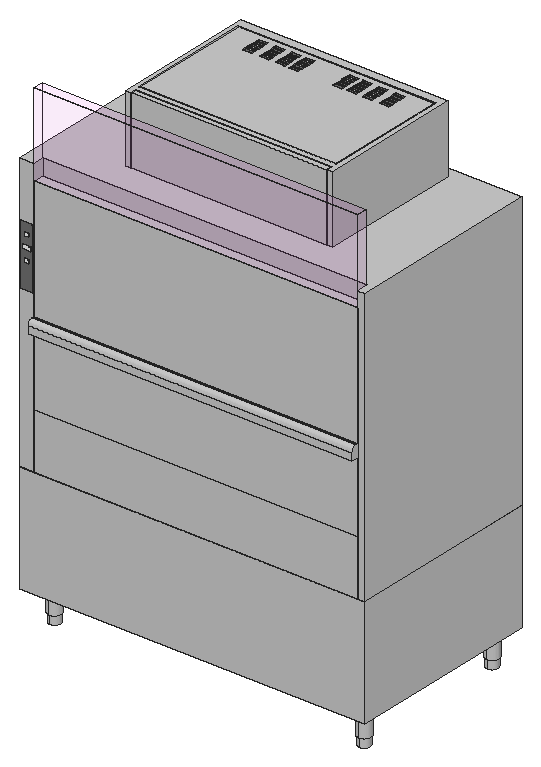
Revit family "QF_COMENDA_6G3171_6G3276_AA_CAT", category Attrezzature speciali, Revit 2021
Family settings
  Quota connettore circolare = Usa diametro
  Tipo di parte = Normale
  Numero OmniClass = 23.40.40.14
  Titolo OmniClass = Food Service Equipment
  Basato su piano di lavoro = No
  Sempre verticale = Sì
  Taglio con vuoti quando caricato = No
  Condiviso = No
  Punto di calcolo locali = No
Parameters (values of type "6G3171_AA")
  URL catalogo = "https://www.comenda.fr/pdf/docs/Gi/GAMME_GI_2023.pdf"
  URL = "www.comenda.fr"
  Tensione = 400 V
  Temperatura raccomandata per acqua calda = 50 °C
  Show Logo [instance] = yes
  Show Clearance [instance] = yes
  Protezione contro le sovracorrenti = 32 A
  Prospetto di default = 0 mm
  Profondità = 900 mm
  Pressione minima acqua calda = 2000.0 Pa
  Potenza elettrica = 15000 W
  Peso netto = 270.00 kg
  Numero dei poli = 3
  Modello = "Gi 1005 R RCD CRC"
  Produttore = "COMENDA"
  Lunghezza = 1530 mm
  Frequenza = 50 Hz
  Fase = 3
  Diametro raccordo acqua calda = 3/4"
  Diametro dello scarico diretto di acqua = 1 3/8"
  Descrizione = "THREE-PHASE FRONT LOADING POTWASHER  WITH RCD"
  Corrente di funzionamento normale = 23 A
  Assembly Code = ""
  Altezza dello scarico diretto acqua da pavimento finito = 145 mm
  Altezza da terra raccordo acqua calda = 175 mm
  Altezza allacciamento elettrico da pavimento finito = 135 mm
  Altezza = 2145 mm
Types (2, lengths in mm): name | Modello | Descrizione | Altezza
  6G3171_AA | "Gi 1005 R RCD CRC" | "THREE-PHASE FRONT LOADING POTWASHER  WITH RCD" | 2145
  6G3276_AA | "Gi 1005 H RCD CRC" | "THREE-PHASE FRONT LOADING POTWASHER WITH RCD" | 2295
Reference planes
  plane 1 "Back": y = 0
  plane 2: z = 0
  plane 3 "Left": x = -30
  plane 4 "Right": x = 1500
  plane 5 "Front": y = -900
  plane 6 "Top": z = 2145
Forms (mm)
  Revolve 1, solid
    sketch origin (60, 0, 0) x (0, 1, 0) y (0, 0, 1)
      loop
        line (-50, 135) -> (-80, 135) -> (-80, 0) -> (-55, 0) -> (-55, 40) -> (-50, 40) -> (-50, 135)
      axis (-80, 0) -> (-80, 135)
    angle from 0 to 360
  Revolve 2, solid
    sketch origin (60, -710, 0) x (0, 1, 0) y (0, 0, 1)
      loop
        line (-50, 135) -> (-80, 135) -> (-80, 0) -> (-55, 0) -> (-55, 40) -> (-50, 40) -> (-50, 135)
      axis (-80, 0) -> (-80, 135)
    angle from 0 to 360
  Revolve 3, solid
    sketch origin (1440, -8.5, 0) x (0, 1, 0) y (0, 0, 1)
      loop
        line (-50, 135) -> (-80, 135) -> (-80, 0) -> (-55, 0) -> (-55, 40) -> (-50, 40) -> (-50, 135)
      axis (-80, 0) -> (-80, 135)
    angle from 0 to 360
  Revolve 4, solid
    sketch origin (1440, -718.5, 0) x (0, 1, 0) y (0, 0, 1)
      loop
        line (-50, 135) -> (-80, 135) -> (-80, 0) -> (-55, 0) -> (-55, 40) -> (-50, 40) -> (-50, 135)
      axis (-80, 0) -> (-80, 135)
    angle from 0 to 360
  Extrusion 5, solid
    sketch origin (0, 0, 721.5) x (1, 0, 0) y (0, 1, 0)
      loop
        line (-30, 0) -> (-30, -870) -> (30, -870) -> (30, -820) -> (1470, -820) -> (1470, -870) -> (1500, -870) -> (1500, 0) -> (-30, 0)
    from -101 to 1123.5
  Extrusion 6, solid
    sketch origin (0, 0, 0) x (1, 0, 0) y (0, 1, 0)
      loop
        line (-30, 0) -> (-30, -870) -> (1500, -870) -> (1500, 0) -> (-30, 0)
    from 135 to 620
  Extrusion 7, solid
    sketch origin (289.25, 0, 0) x (0, 1, 0) y (0, 0, 1)
      loop
        line (-900, 1180) -> (-870, 1180) -> (-870, 1235) -> (-880, 1235)
        arc (-880, 1235) -> (-894.142, 1229.142) -> (-900, 1215) r 20
        line (-900, 1215) -> (-900, 1180)
    from -257.75 to 1179.25
  Extrusion 8, solid
    sketch origin (0, 0, 620.5) x (0, 1, 0) y (1, 0, 0)
      loop
        line (-870, 31.5) -> (-820, 31.5) -> (-820, 1468.5) -> (-870, 1468.5) -> (-870, 31.5)
    from 0 to -244
  Extrusion 9, solid
    sketch origin (0, 0, 911) x (1, 0, 0) y (0, 1, 0)
      loop
        line (31.5, -870) -> (1468.5, -870) -> (1468.5, -820) -> (31.5, -820) -> (31.5, -870)
    from -46 to 324
  Extrusion 10, solid
    sketch origin (0, 0, 1319) x (1, 0, 0) y (0, 1, 0)
      loop
        line (31.5, -870) -> (1468.5, -870) -> (1468.5, -820) -> (31.5, -820) -> (31.5, -870)
    from -84 to 456
  Extrusion 11, solid, visible <- "Show Clearance", detail levels coarse
    sketch origin (30, 0, -46) x (0, 1, 0) y (0, 0, 1)
      loop
        line (-870, 911) -> (-870, 1318)
        arc (-870, 1318) -> (-1157.792, 1198.792) -> (-1277, 911) r 407
        line (-1277, 911) -> (-870, 911)
    from 0 to 1438.5
  Extrusion 12, solid
    sketch origin (1470, -870, 710) x (0, 1, 0) y (0, 0, -1)
      loop
        line (0, -1065) -> (0, -1435) -> (50, -1435) -> (50, -1065) -> (0, -1065)
    from 0 to 1440
  Extrusion 13, solid
    sketch origin (-775, -868.2, 645.429) x (1, 0, 0) y (0, 0, 1)
      loop
        line (800, 954.969) -> (750, 954.969) -> (750, 684.969) -> (800, 684.969) -> (800, 954.969)
    from 0 to 2
  Extrusion 14, solid
    sketch origin (-1776.493, -868.4, 885.399) x (1, 0, 0) y (0, 0, 1)
      loop
        line (1795, 624) -> (1758, 624) -> (1758, 606) -> (1795, 606) -> (1795, 624)
      loop
        line (1784.5, 569.5) -> (1768.5, 569.5) -> (1768.5, 553.5) -> (1784.5, 553.5) -> (1784.5, 569.5)
      loop
        line (1784.5, 676.5) -> (1768.5, 676.5) -> (1768.5, 660.5) -> (1784.5, 660.5) -> (1784.5, 676.5)
    from 0 to 2
  Extrusion 15, void
    sketch origin (0, 0, 135) x (1, 0, 0) y (0, 1, 0)
      loop
        circle (130.011, -654.993) r 9.55
    from 0 to 40
  Extrusion 16, void
    sketch origin (0, 0, 135) x (1, 0, 0) y (0, 1, 0)
      loop
        circle (750, -610) r 17.5
    from 0 to 10
  Extrusion 17, solid
    sketch origin (0, 0, 135) x (0, 1, 0) y (1, 0, 0)
      loop
        circle (-848, 1415) r 4.875
    from 0 to 1
  Extrusion 18, solid
    sketch origin (-834.5, 120.033, 1991.5) x (1, 0, 0) y (0, 1, 0)
      loop
        line (1124.5, -165) -> (1124.5, -805) -> (1149.5, -805) -> (1149.5, -780) -> (2019.5, -780) -> (2019.5, -805) -> (2044.5, -805) -> (2044.5, -165) -> (1124.5, -165)
      loop
        line (2019.5, -755) -> (2019.5, -204.872) -> (1144.5, -204.872) -> (1144.5, -755) -> (2019.5, -755)
    from -146.5 to 153.5
  Extrusion 19, solid
    sketch origin (-834.5, 120.033, 1991.5) x (1, 0, 0) y (0, 1, 0)
      loop
        line (2017.5, -206.872) -> (1151.5, -206.872) -> (1151.5, -753) -> (2017.5, -753) -> (2017.5, -206.872)
    from -146.5 to 153.5
  Extrusion 20, solid
    sketch origin (1185, -659.967, 1991.5) x (-1, 0, 0) y (0, 0, -1)
      loop
        line (868, -153.5) -> (868, 144.5) -> (2, 144.5) -> (2, -153.5) -> (868, -153.5)
    from 0 to 25
  Extrusion 21, solid
    sketch origin (-834.5, 120.033, 2145) x (1, 0, 0) y (0, 1, 0)
      loop
        line (1260.948, -234.377) -> (1260.948, -244.376) -> (1300.948, -244.376) -> (1300.948, -234.377) -> (1260.948, -234.377)
      loop
        line (1260.948, -254.377) -> (1260.948, -264.377) -> (1300.948, -264.377) -> (1300.948, -254.377) -> (1260.948, -254.377)
      loop
        line (1260.948, -274.377) -> (1260.948, -284.377) -> (1300.948, -284.377) -> (1300.948, -274.377) -> (1260.948, -274.377)
      loop
        line (1260.948, -294.377) -> (1260.948, -304.377) -> (1300.948, -304.377) -> (1300.948, -294.377) -> (1260.948, -294.377)
      loop
        line (1260.948, -314.377) -> (1260.948, -324.377) -> (1300.948, -324.377) -> (1300.948, -314.377) -> (1260.948, -314.377)
      loop
        line (1335.948, -234.377) -> (1335.948, -244.376) -> (1375.948, -244.376) -> (1375.948, -234.377) -> (1335.948, -234.377)
      loop
        line (1335.948, -254.377) -> (1335.948, -264.377) -> (1375.948, -264.377) -> (1375.948, -254.377) -> (1335.948, -254.377)
      loop
        line (1335.948, -274.377) -> (1335.948, -284.377) -> (1375.948, -284.377) -> (1375.948, -274.377) -> (1335.948, -274.377)
      loop
        line (1335.948, -294.377) -> (1335.948, -304.377) -> (1375.948, -304.377) -> (1375.948, -294.377) -> (1335.948, -294.377)
      loop
        line (1335.948, -314.377) -> (1335.948, -324.377) -> (1375.948, -324.377) -> (1375.948, -314.377) -> (1335.948, -314.377)
      loop
        line (1405.948, -234.377) -> (1405.948, -244.376) -> (1445.948, -244.376) -> (1445.948, -234.377) -> (1405.948, -234.377)
      loop
        line (1405.948, -254.377) -> (1405.948, -264.377) -> (1445.948, -264.377) -> (1445.948, -254.377) -> (1405.948, -254.377)
      loop
        line (1405.948, -274.377) -> (1405.948, -284.377) -> (1445.948, -284.377) -> (1445.948, -274.377) -> (1405.948, -274.377)
      loop
        line (1405.948, -294.377) -> (1405.948, -304.377) -> (1445.948, -304.377) -> (1445.948, -294.377) -> (1405.948, -294.377)
      loop
        line (1405.948, -314.377) -> (1405.948, -324.377) -> (1445.948, -324.377) -> (1445.948, -314.377) -> (1405.948, -314.377)
      loop
        line (1466.948, -234.377) -> (1466.948, -244.376) -> (1506.948, -244.376) -> (1506.948, -234.377) -> (1466.948, -234.377)
      loop
        line (1466.948, -254.377) -> (1466.948, -264.377) -> (1506.948, -264.377) -> (1506.948, -254.377) -> (1466.948, -254.377)
      loop
        line (1466.948, -274.377) -> (1466.948, -284.377) -> (1506.948, -284.377) -> (1506.948, -274.377) -> (1466.948, -274.377)
      loop
        line (1466.948, -294.377) -> (1466.948, -304.377) -> (1506.948, -304.377) -> (1506.948, -294.377) -> (1466.948, -294.377)
      loop
        line (1466.948, -314.377) -> (1466.948, -324.377) -> (1506.948, -324.377) -> (1506.948, -314.377) -> (1466.948, -314.377)
      loop
        line (1908.148, -234.377) -> (1868.148, -234.377) -> (1868.148, -244.376) -> (1908.148, -244.376) -> (1908.148, -234.377)
      loop
        line (1908.148, -254.377) -> (1868.148, -254.377) -> (1868.148, -264.377) -> (1908.148, -264.377) -> (1908.148, -254.377)
      loop
        line (1908.148, -274.377) -> (1868.148, -274.377) -> (1868.148, -284.377) -> (1908.148, -284.377) -> (1908.148, -274.377)
      loop
        line (1908.148, -294.377) -> (1868.148, -294.377) -> (1868.148, -304.377) -> (1908.148, -304.377) -> (1908.148, -294.377)
      loop
        line (1908.148, -314.377) -> (1868.148, -314.377) -> (1868.148, -324.377) -> (1908.148, -324.377) -> (1908.148, -314.377)
      loop
        line (1833.148, -234.377) -> (1793.148, -234.377) -> (1793.148, -244.376) -> (1833.148, -244.376) -> (1833.148, -234.377)
      loop
        line (1833.148, -254.377) -> (1793.148, -254.377) -> (1793.148, -264.377) -> (1833.148, -264.377) -> (1833.148, -254.377)
      loop
        line (1833.148, -274.377) -> (1793.148, -274.377) -> (1793.148, -284.377) -> (1833.148, -284.377) -> (1833.148, -274.377)
      loop
        line (1833.148, -294.377) -> (1793.148, -294.377) -> (1793.148, -304.377) -> (1833.148, -304.377) -> (1833.148, -294.377)
      loop
        line (1833.148, -314.377) -> (1793.148, -314.377) -> (1793.148, -324.377) -> (1833.148, -324.377) -> (1833.148, -314.377)
      loop
        line (1763.148, -234.377) -> (1723.148, -234.377) -> (1723.148, -244.376) -> (1763.148, -244.376) -> (1763.148, -234.377)
      loop
        line (1763.148, -254.377) -> (1723.148, -254.377) -> (1723.148, -264.377) -> (1763.148, -264.377) -> (1763.148, -254.377)
      loop
        line (1763.148, -274.377) -> (1723.148, -274.377) -> (1723.148, -284.377) -> (1763.148, -284.377) -> (1763.148, -274.377)
      loop
        line (1763.148, -294.377) -> (1723.148, -294.377) -> (1723.148, -304.377) -> (1763.148, -304.377) -> (1763.148, -294.377)
      loop
        line (1763.148, -314.377) -> (1723.148, -314.377) -> (1723.148, -324.377) -> (1763.148, -324.377) -> (1763.148, -314.377)
      loop
        line (1702.148, -234.377) -> (1662.148, -234.377) -> (1662.148, -244.376) -> (1702.148, -244.376) -> (1702.148, -234.377)
      loop
        line (1702.148, -254.377) -> (1662.148, -254.377) -> (1662.148, -264.377) -> (1702.148, -264.377) -> (1702.148, -254.377)
      loop
        line (1702.148, -274.377) -> (1662.148, -274.377) -> (1662.148, -284.377) -> (1702.148, -284.377) -> (1702.148, -274.377)
      loop
        line (1702.148, -294.377) -> (1662.148, -294.377) -> (1662.148, -304.377) -> (1702.148, -304.377) -> (1702.148, -294.377)
      loop
        line (1702.148, -314.377) -> (1662.148, -314.377) -> (1662.148, -324.377) -> (1702.148, -324.377) -> (1702.148, -314.377)
    from 0 to 0.5
Cuts and joins
  Extrusion 15, Extrusion 16 cuts Extrusion 5
  Extrusion 15, Extrusion 16 cuts Extrusion 6
  joined: Extrusion 5, Extrusion 6
Lines and regions (mm)
  symbolic lines, style "200-EquipBorder-2D"
    curve 1: line (-30, 0, 0) -> (1500, 0, 0)
    curve 2: line (-30, -870, 0) -> (-30, 0, 0)
    curve 3: line (1500, -870, 0) -> (-30, -870, 0)
    curve 4: line (1500, 0, 0) -> (1500, -870, 0)
    curve 11: line (30, -870, 0) -> (30, -900, 0)
    curve 12: line (30, -900, 0) -> (1468.5, -900, 0)
    curve 13: line (1468.5, -900, 0) -> (1468.5, -870, 0)
  symbolic lines, style "QF_Door-Drawer Clearances", visible <- "Show Clearance"
    curve 5: line (30, -870, 0) -> (30, -1277, 0)
    curve 6: line (1468.5, -1277, 0) -> (1468.5, -870, 0)
    curve 7: line (30, -1277, 0) -> (1468.5, -1277, 0)
  symbolic lines, style "200-EquipInternal-2D"
    curve 8: circle (817, -435, 0) r 150 normal (0, 0, 1)
    curve 9: line (30, -870, 0) -> (30, -820, 0)
    curve 10: line (30, -820, 0) -> (1468.5, -820, 0)
    curve 14: line (1468.5, -820, 0) -> (1468.5, -870, 0)
  symbolic lines, style "200-InsPoint-3D"
    curve 15: circle (-30, 0, 0) r 0.2 normal (0, 0, 1)
    curve 16: circle (1500, 0, 0) r 0.2 normal (0, 0, 1)
    curve 17: circle (-30, -870, 0) r 0.2 normal (0, 0, 1)
    curve 18: circle (1500, -870, 0) r 0.2 normal (0, 0, 1)
Dimensions and locks
  plane 3 "Left" to plane 4 "Right" = 1530 mm
  plane 5 "Front" to plane 1 "Back" = 900 mm
  "Altezza": plane 6 "Top" to level
  cut or joined group of Extrusion 5, Extrusion 6, Extrusion 15, Extrusion 16 to Extrusion 10 = 70 mm
  plane 4 "Right" to plane 3 "Left" = 1530 mm
  plane 6 "Top" to level = 2145 mm
  locked: cut or joined group of Extrusion 5, Extrusion 6, Extrusion 15, Extrusion 16 to level at 135
  locked: cut or joined group of Extrusion 5, Extrusion 6, Extrusion 15, Extrusion 16 to level at 620
  locked: Extrusion 9 to level at 865
  locked: Extrusion 14 to level at 1491.399
  locked: Extrusion 14 to Extrusion 13 at 108.5
  Extrusion 18 sketch curve to Extrusion 18 sketch curve = 920 mm
  locked: Extrusion 18 sketch curve to Extrusion 18 sketch curve at 640
  locked: Extrusion 18 sketch curve to Extrusion 18 sketch curve at 25  (x3)
  Extrusion 18 sketch curve to Extrusion 18 sketch curve = 20 mm
  locked: plane 6 "Top" to Extrusion 10 at 910
  locked: plane 6 "Top" to cut or joined group of Extrusion 5, Extrusion 6, Extrusion 15, Extrusion 16 at 300
  locked: plane 6 "Top" to Extrusion 10 at 370
  aligned and locked: level to plane 2
  aligned and locked: Extrusion 7 sketch curve to Extrusion 9
  aligned and locked: Extrusion 12 sketch curve to Extrusion 10  (x2)
  aligned and locked: cut or joined group of Extrusion 5, Extrusion 6, Extrusion 15, Extrusion 16 to Extrusion 12 sketch curve
  aligned and locked: Extrusion 12 to cut or joined group of Extrusion 5, Extrusion 6, Extrusion 15, Extrusion 16
  aligned and locked: Extrusion 8 sketch curve to Extrusion 9
  aligned and locked: Extrusion 7 to Extrusion 9
  aligned and locked: Extrusion 9 to Extrusion 7
  aligned and locked: Extrusion 18 to Extrusion 19  (x2)
  aligned and locked: Extrusion 20 to Extrusion 18  (x2)
  aligned and locked: plane 6 "Top" to Extrusion 20
  aligned and locked: plane 6 "Top" to Extrusion 18
  aligned and locked: Extrusion 18 to cut or joined group of Extrusion 5, Extrusion 6, Extrusion 15, Extrusion 16
  aligned and locked: Extrusion 10 to Extrusion 7
  aligned and locked: plane 6 "Top" to Extrusion 12
Automatic sketch dimensions
  Revolve 1 sketch curve to level = 0 mm
  plane 1 "Back" to Revolve 1 sketch curve = 80 mm
  Revolve 1 sketch curve to Revolve 1 sketch curve = 25 mm
  Revolve 1 sketch curve to Revolve 1 sketch curve = 5 mm
  level to Revolve 1 sketch curve = 40 mm
  Revolve 1 sketch curve to Revolve 1 sketch curve = 95 mm
  Revolve 1 sketch curve to Revolve 1 sketch curve = 0 mm
  Revolve 1 sketch curve to Revolve 1 sketch curve = 35 mm
  Revolve 1 sketch curve to Revolve 1 sketch curve = 15 mm
  Revolve 2 sketch curve to level = 0 mm
  plane 5 "Front" to Revolve 2 sketch curve = 110 mm
  Revolve 2 sketch curve to Revolve 2 sketch curve = 25 mm
  Revolve 2 sketch curve to Revolve 2 sketch curve = 5 mm
  level to Revolve 2 sketch curve = 40 mm
  Revolve 2 sketch curve to Revolve 2 sketch curve = 95 mm
  Revolve 2 sketch curve to Revolve 2 sketch curve = 0 mm
  Revolve 2 sketch curve to Revolve 2 sketch curve = 35 mm
  Revolve 2 sketch curve to Revolve 2 sketch curve = 15 mm
  Revolve 3 sketch curve to level = 0 mm
  plane 1 "Back" to Revolve 3 sketch curve = 88.5 mm
  Revolve 3 sketch curve to Revolve 3 sketch curve = 25 mm
  Revolve 3 sketch curve to Revolve 3 sketch curve = 5 mm
  level to Revolve 3 sketch curve = 40 mm
  Revolve 3 sketch curve to Revolve 3 sketch curve = 95 mm
  Revolve 3 sketch curve to Revolve 3 sketch curve = 0 mm
  Revolve 3 sketch curve to Revolve 3 sketch curve = 35 mm
  Revolve 3 sketch curve to Revolve 3 sketch curve = 15 mm
  Revolve 4 sketch curve to level = 0 mm
  plane 5 "Front" to Revolve 4 sketch curve = 101.5 mm
  Revolve 4 sketch curve to Revolve 4 sketch curve = 25 mm
  Revolve 4 sketch curve to Revolve 4 sketch curve = 5 mm
  level to Revolve 4 sketch curve = 40 mm
  Revolve 4 sketch curve to Revolve 4 sketch curve = 95 mm
  Revolve 4 sketch curve to Revolve 4 sketch curve = 0 mm
  Revolve 4 sketch curve to Revolve 4 sketch curve = 35 mm
  Revolve 4 sketch curve to Revolve 4 sketch curve = 15 mm
  plane 1 "Back" to Extrusion 5 sketch curve = 0 mm
  Extrusion 5 sketch curve to plane 3 "Left" = 0 mm
  Extrusion 5 sketch curve to plane 4 "Right" = 0 mm
  plane 3 "Left" to Extrusion 5 sketch curve = 60 mm
  plane 4 "Right" to Extrusion 5 sketch curve = 30 mm
  plane 5 "Front" to Extrusion 5 sketch curve = 80 mm
  plane 5 "Front" to Extrusion 5 sketch curve = 30 mm  (x2)
  Extrusion 6 sketch curve to plane 3 "Left" = 0 mm
  Extrusion 6 sketch curve to plane 4 "Right" = 0 mm
  plane 1 "Back" to Extrusion 6 sketch curve = 0 mm
  plane 5 "Front" to Extrusion 6 sketch curve = 30 mm
  Extrusion 7 sketch curve to plane 5 "Front" = 0 mm
  Extrusion 7 sketch curve to Extrusion 7 sketch curve = 20 mm
  Extrusion 7 sketch curve to Extrusion 7 sketch curve = 30 mm
  Extrusion 7 sketch curve to Extrusion 7 sketch curve = 35 mm
  Extrusion 8 sketch curve to Extrusion 5 = 0 mm  (x2)
  Extrusion 8 sketch curve to Extrusion 5 = 1.5 mm
  plane 3 "Left" to Extrusion 9 sketch curve = 61.5 mm
  plane 4 "Right" to Extrusion 9 sketch curve = 31.5 mm
  plane 5 "Front" to Extrusion 9 sketch curve = 30 mm
  Extrusion 9 sketch curve to Extrusion 9 sketch curve = 50 mm
  plane 3 "Left" to Extrusion 10 sketch curve = 61.5 mm
  plane 4 "Right" to Extrusion 10 sketch curve = 31.5 mm
  plane 5 "Front" to Extrusion 10 sketch curve = 30 mm
  Extrusion 10 sketch curve to Extrusion 10 sketch curve = 50 mm
  Extrusion 11 sketch curve to plane 5 "Front" = 377 mm
  plane 5 "Front" to Extrusion 11 sketch curve = 30 mm
  Extrusion 11 sketch curve to Extrusion 11 sketch curve = 0 mm
  level to Extrusion 11 sketch curve = 865 mm
  plane 3 "Left" to Extrusion 13 sketch curve = 5 mm
  Extrusion 13 sketch curve to Extrusion 13 sketch curve = 50 mm
  Extrusion 13 sketch curve to plane 6 "Top" = 814.601 mm
  Extrusion 13 sketch curve to Extrusion 13 sketch curve = 270 mm
  plane 3 "Left" to Extrusion 14 sketch curve = 11.507 mm
  plane 3 "Left" to Extrusion 14 sketch curve = 22.007 mm  (x2)
  Extrusion 14 sketch curve to Extrusion 14 sketch curve = 16 mm  (x4)
  Extrusion 14 sketch curve to Extrusion 14 sketch curve = 37 mm
  Extrusion 14 sketch curve to plane 6 "Top" = 706.101 mm
  Extrusion 14 sketch curve to Extrusion 14 sketch curve = 36.5 mm  (x2)
  Extrusion 14 sketch curve to Extrusion 14 sketch curve = 18 mm
  Extrusion 6 to Extrusion 15 sketch curve = 160.011 mm
  Extrusion 6 to Extrusion 15 sketch curve = 215.007 mm
  Extrusion 6 to Extrusion 16 sketch curve = 260 mm
  Extrusion 6 to Extrusion 16 sketch curve = 750 mm
  Extrusion 6 to Extrusion 17 sketch curve = 22 mm
  Extrusion 6 to Extrusion 17 sketch curve = 85 mm
  plane 5 "Front" to Extrusion 18 sketch curve = 215.033 mm  (x2)
  plane 3 "Left" to Extrusion 18 sketch curve = 320 mm
  Extrusion 18 sketch curve to Extrusion 18 sketch curve = 0 mm
  Extrusion 18 sketch curve to Extrusion 18 sketch curve = 25 mm
  Extrusion 18 sketch curve to Extrusion 18 sketch curve = 39.872 mm
  plane 1 "Back" to Extrusion 19 sketch curve = 86.839 mm
  plane 3 "Left" to Extrusion 19 sketch curve = 347 mm
  plane 4 "Right" to Extrusion 19 sketch curve = 317 mm
  plane 5 "Front" to Extrusion 19 sketch curve = 267.033 mm
  Extrusion 20 sketch curve to Extrusion 18 = 2 mm
  Extrusion 18 to Extrusion 20 sketch curve = 2 mm  (x2)
  Extrusion 18 to Extrusion 20 sketch curve = 0 mm
  Extrusion 21 sketch curve to Extrusion 19 = 27.505 mm  (x5)
  Extrusion 21 sketch curve to Extrusion 19 = 109.448 mm
  Extrusion 21 sketch curve to Extrusion 21 sketch curve = 0 mm  (x58)
  Extrusion 21 sketch curve to Extrusion 21 sketch curve = 40 mm  (x10)
  Extrusion 21 sketch curve to Extrusion 21 sketch curve = 35 mm  (x4)
  Extrusion 21 sketch curve to Extrusion 21 sketch curve = 30 mm  (x4)
  Extrusion 21 sketch curve to Extrusion 21 sketch curve = 21 mm  (x4)
  Extrusion 21 sketch curve to Extrusion 21 sketch curve = 155.2 mm
  Extrusion 21 sketch curve to Extrusion 21 sketch curve = 10 mm  (x72)
  Extrusion 21 sketch curve to Extrusion 19 = 37.505 mm
  plane 6 "Top" to Extrusion 12 sketch curve = 0 mm
  curve 17 to plane 3 "Left" = 0 mm
  curve 2 to plane 3 "Left" = 0 mm
  plane 1 "Back" to curve 15 = 0 mm
  curve 15 to plane 3 "Left" = 0 mm
  curve 12 to plane 5 "Front" = 0 mm
  curve 4 to plane 4 "Right" = 0 mm
  plane 1 "Back" to curve 16 = 0 mm
  curve 16 to plane 4 "Right" = 0 mm
  curve 18 to plane 4 "Right" = 0 mm
  plane 1 "Back" to curve 2 = 0 mm
  plane 3 "Left" to curve 12 = 60 mm
  plane 3 "Left" to curve 5 = 60 mm
  curve 10 to curve 5 = 0 mm
  plane 4 "Right" to curve 8 = 683 mm
  plane 4 "Right" to curve 7 = 31.5 mm
  plane 4 "Right" to curve 10 = 31.5 mm
  curve 12 to curve 14 = 0 mm
  curve 5 to plane 5 "Front" = 377 mm
  plane 5 "Front" to curve 4 = 30 mm
  curve 18 to curve 3 = 0 mm
  curve 17 to curve 2 = 0 mm
  curve 6 to curve 10 = 50 mm
  plane 1 "Back" to curve 8 = 435 mm
  radius of Extrusion 15 sketch curve = 9.55 mm
  radius of Extrusion 16 sketch curve = 17.5 mm
  radius of Extrusion 17 sketch curve = 4.875 mm
  radius of curve 8 = 150 mm
  radius of curve 15 = 0.2 mm
  radius of curve 16 = 0.2 mm
  radius of curve 17 = 0.2 mm
  radius of curve 18 = 0.2 mm
Connectors
  electrical at (1415, -848, 135), driven by "Tensione", driven by "Potenza elettrica", driven by "Numero dei poli"
    settings: on Extrusion 17, index 1, voltage 400 V, apparent load 15000 VA, apparent load phase1 0 VA, apparent load phase2 0 VA, apparent load phase3 0 VA, power factor 1, load classification "Altro", number of poles 3, system type 30, power factor state 1, is connector primary yes, connector utility no, sub classification motor no, connector description "QF_ELECTRICAL_CONNECTION"
  piping at (750, -610, 145), diameter 34.925, driven by "Diametro dello scarico diretto di acqua"
    settings: on cut or joined group of Extrusion 5, Extrusion 6, Extrusion 15, Extrusion 16, index 2, connector inside diameter 24", connector length 0 mm, flow factor 0, pipe flow 0.0 L/s, pressure drop 0.0 Pa, fitting loss kfactor 0, connector angle 0.00°, fixture units 0, engagement length 0 mm, angle of deflection 0.00°, flow configuration 0, flow direction 2, fitting loss method 0, system type 16, joint type 0, gender type 0, connector reference index -1, connector utility 0, adjustable connector no, is connector primary yes, connector description "QF_DRAIN_CONNECTION"
  piping at (130.011, -654.993, 175), diameter 19.05, driven by "Diametro raccordo acqua calda"
    settings: on cut or joined group of Extrusion 5, Extrusion 6, Extrusion 15, Extrusion 16, index 3, connector inside diameter 24", connector length 0 mm, flow factor 0, pipe flow 0.0 L/s, pressure drop 0.0 Pa, fitting loss kfactor 0, connector angle 0.00°, fixture units 0, engagement length 0 mm, angle of deflection 0.00°, flow configuration 0, flow direction 1, fitting loss method 0, system type 19, joint type 0, gender type 0, connector reference index -1, connector utility 0, adjustable connector no, is connector primary no, connector description "QF_WATER_CONNECTION"
